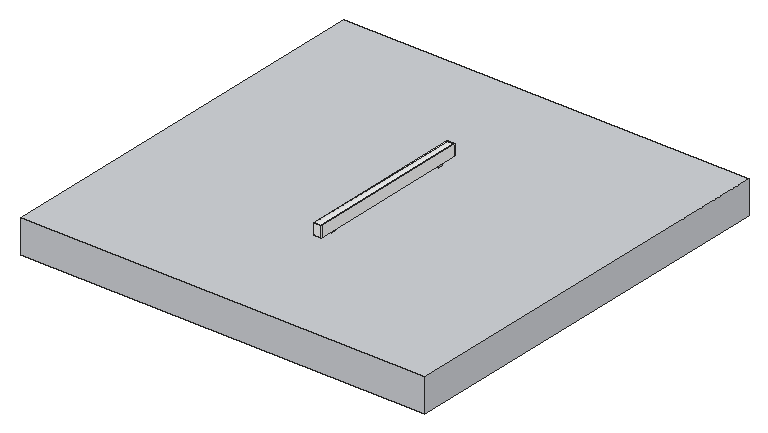
Revit family "Zumtobel SLOTLIGHT INF slim", category Lighting Fixtures, host Face, Revit 2016
Family settings
  Host = Face
  Part Type = Normal
  Round Connector Dimension = Use Diameter
  OmniClass Number = 23.80.70.11
  OmniClass Title = Luminaries for Internal Lighting
  Cut with Voids When Loaded = No
  Light Source = Yes
  Shared = No
  Room Calculation Point = No
Parameters (values of type "SLOIN slim SL LED1800 L1004")
  Width = 45 mm  # constant formula
  Wattage = 11.1955 W
  built-in parameter 1150110 = 1 (stored number, unit not read)
  URL = "http://www.zumtobel.com/42183860"
  Type Comments = "© Zumtobel. We reserve the right to make technical changes without prior notice."  # constant formula
  built-in parameter 1114217 = 1 (stored number, unit not read)
  Tilt Angle = -90.00°
  built-in parameter 1150109 = 1 (stored number, unit not read)
  built-in parameter 1150134 = 12
  Suspension Value [instance] = if(Recessed, 0 mm, Suspension Height)  # 0 mm
  Suspension Height [instance] = 0 mm
  Surface Mount Offset [instance] = if(and(Surface Mount, Suspension Height > 0 mm), 0 mm, if(and(Surface Mount, Suspension Height = 0 mm), 8.5 mm, 0 mm))  # 8.5 mm
  Surface Mount Clip [instance] = and(Surface Mount, Suspension Height = 0 mm)  # yes
  built-in parameter 1150113 = 1 (stored number, unit not read)
  Photometric Web File = "D36769AA_SLOIN_SLIM_CL_LED2400-840_L775_PC.IES"
  Offset Body [instance] = if(Recessed, 0 mm, 7.5 mm)  # 7.5 mm
  Model = "42183860"
  Manufacturer = "Zumtobel Lighting"  # constant formula
  built-in parameter 1150105 = 132.34 (stored number, unit not read)
  Lumens = 1663 lm
  built-in parameter 1150115 = 1 (stored number, unit not read)
  Light Source Offset [instance] = if(Recessed, 0 mm, (if(and(Surface Mount, Suspension Height = 0 mm), 80 mm, 71.5 mm)))  # 80 mm
  built-in parameter 1150137 = (empty or 0)
  built-in parameter 1150139 = (empty or 0)
  Length = 1004 mm
  built-in parameter 1150112 = 1 (stored number, unit not read)
  built-in parameter 1150114 = 1 (stored number, unit not read)
  Lamp = "LED"
  Installation Depth [instance] = if(and(Surface Mount, Suspension Height > 0 mm), 0 mm, if(and(Surface Mount, Suspension Height = 0 mm), 0 mm, 64 mm))  # 0 mm
  built-in parameter 1150132 = 2
  built-in parameter 1150102 = (empty or 0)
  built-in parameter 1150107 = 4000 (stored number, unit not read)
  built-in parameter 1150138 = (empty or 0)
  built-in parameter 1150106 = 1.3234 (stored number, unit not read)
  Height = 64 mm  # constant formula
  Frame [instance] = no
  Emit from Rectangle Width = Length  # 1004 mm
  Emit from Rectangle Length = Width  # 45 mm
  Recessed [instance] = no
  Emit Shape Visible in Rendering = no
  built-in parameter 1150104 = 13.8 (stored number, unit not read)
  Dimming Lamp Color Temperature Shift = <None>
  Description = "SLOTLIGHT infinity slim single luminaire"  # constant formula
  Default Elevation = 0 mm
  Cover 2 [instance] = yes
  Cover 1 [instance] = yes
  Color Light Emitting Surface = Zumtobel_PMMA_White
  Color Filter = 16777215
  Clip [instance] = and(Surface Mount, Suspension Height > 0 mm)  # no
  Body = Zumtobel_Metal_White
  built-in parameter 1114218 = 1 (stored number, unit not read)
  built-in parameter 1150133 = 10 (stored number, unit not read)
  Assembly Code = "D5020200"
  Apparent Load = 25.1 VA
  Surface Mount [instance] = not(Recessed)  # yes
Types (13, lengths in mm): name | Wattage | URL | Suspension Value | Suspension Height | Surface Mount Offset | Surface Mount Clip | Photometric Web File | Model | built-in parameter 1150105 | Lumens | Light Source Offset | Length | built-in parameter 1150106 | Emit from Rectangle Width | Clip | Apparent Load
  SLOIN slim SL LED1800 L1004 | 11.1955 W | "http://www.zumtobel.com/42183860" | 0 | 0 | 8.5 | yes | "D36769AA_SLOIN_SLIM_CL_LED2400-840_L775_PC.IES" | "42183860" | 132.34 (stored number, unit not read) | 1663 lm | 80 | 1004 | 1.3234 (stored number, unit not read) | 1004 | no | 25.1 VA
  SLOIN slim SL LED2200 L1254 | 14.0028 W | "http://www.zumtobel.com/42183861" | 500 | 500 | 0 | no | "D36769AA_SLOIN_slim_SL_LED2200-840_L1254_PC.IES" | "42183861" | 165.52 (stored number, unit not read) | 2080 lm | 71.5 | 1254 | 1.6552 (stored number, unit not read) | 1254 | yes | 30.4 VA
  SLOIN slim SL LED2600 L1504 | 16.7966 W | "http://www.zumtobel.com/42183879" | 500 | 500 | 0 | no | "D36769AA_SLOIN_slim_SL_LED2600-840_L1504_PC.IES" | "42183879" | 198.55 (stored number, unit not read) | 2495 lm | 71.5 | 1504 | 1.9855 (stored number, unit not read) | 1504 | yes | 36.4 VA
  SLOIN slim SL LED3000 L1754 | 19.6039 W | "http://www.zumtobel.com/42183884" | 500 | 500 | 0 | no | "D36769AA_SLOIN_slim_SL_LED3000-840_L1754_PC.IES" | "42183884" | 231.73 (stored number, unit not read) | 2912 lm | 71.5 | 1754 | 2.3173 (stored number, unit not read) | 1754 | yes | 42.4 VA
  SLOIN slim SL LED3400 L2004 | 22.3977 W | "http://www.zumtobel.com/42183885" | 500 | 500 | 0 | no | "D36769AA_SLOIN_slim_SL_LED3400-840_L2004_PC.IES" | "42183885" | 264.75 (stored number, unit not read) | 3327 lm | 71.5 | 2004 | 2.6475 (stored number, unit not read) | 2004 | yes | 48.3 VA
  SLOIN slim SL LED3800 L2254 | 25.205 W | "http://www.zumtobel.com/42183886" | 500 | 500 | 0 | no | "D36769AA_SLOIN_slim_SL_LED3800-840_L2254_PC.IES" | "42183886" | 297.94 (stored number, unit not read) | 3744 lm | 71.5 | 2254 | 2.9794 (stored number, unit not read) | 2254 | yes | 51.6 VA
  SLOIN slim SL LED4200 L2504 | 27.9988 W | "http://www.zumtobel.com/42183887" | 500 | 500 | 0 | no | "D36769AA_SLOIN_slim_SL_LED4200-840_L2504_PC.IES" | "42183887" | 330.96 (stored number, unit not read) | 4159 lm | 71.5 | 2504 | 3.3096 (stored number, unit not read) | 2504 | yes | 57.3 VA
  SLOIN slim SL LED4600 L2754 | 30.8061 W | "http://www.zumtobel.com/42183888" | 500 | 500 | 0 | no | "D36769AA_SLOIN_slim_SL_LED4600-840_L2754_PC.IES" | "42183888" | 364.15 (stored number, unit not read) | 4576 lm | 71.5 | 2754 | 3.6415 (stored number, unit not read) | 2754 | yes | 62.9 VA
  SLOIN slim SL LED5000 L3004 | 33.5999 W | "http://www.zumtobel.com/42183889" | 500 | 500 | 0 | no | "D36769AA_SLOIN_slim_SL_LED5000-840_L3004_PC.IES" | "42183889" | 397.17 (stored number, unit not read) | 4991 lm | 71.5 | 3004 | 3.9717 (stored number, unit not read) | 3004 | yes | 68.5 VA
  SLOIN slim SL LED5400 L3254 | 36.4072 W | "http://www.zumtobel.com/42183890" | 500 | 500 | 0 | no | "D36769AA_SLOIN_slim_SL_LED5400-840_L3254_PC.IES" | "42183890" | 430.35 (stored number, unit not read) | 5408 lm | 71.5 | 3254 | 4.3035 (stored number, unit not read) | 3254 | yes | 74.1 VA
  SLOIN slim SL LED5800 L3504 | 39.201 W | "http://www.zumtobel.com/42183891" | 500 | 500 | 0 | no | "D36769AA_SLOIN_slim_SL_LED5800-840_L3504_PC.IES" | "42183891" | 463.38 (stored number, unit not read) | 5823 lm | 71.5 | 3504 | 4.6338 (stored number, unit not read) | 3504 | yes | 79.8 VA
  SLOIN slim SL LED6200 L3754 | 42.0083 W | "http://www.zumtobel.com/42183892" | 500 | 500 | 0 | no | "D36769AA_SLOIN_slim_SL_LED6200-840_L3754_PC.IES" | "42183892" | 496.56 (stored number, unit not read) | 6240 lm | 71.5 | 3754 | 4.9656 (stored number, unit not read) | 3754 | yes | 85.5 VA
  SLOIN slim SL LED6600 L4004 | 44.7685 W | "http://www.zumtobel.com/42183893" | 500 | 500 | 0 | no | "D36769AA_SLOIN_slim_SL_LED6600-840_L4004_PC.IES" | "42183893" | 529.19 (stored number, unit not read) | 6650 lm | 71.5 | 4004 | 5.2919 (stored number, unit not read) | 4004 | yes | 91.4 VA
Reference planes
  plane 1 "Center (Front/Back)": y = 0
  plane 2 "Top": z = 0
  plane 3 "Center (Left/Right)": x = -0.5
  plane 4: y = 502
  plane 5: y = -502
  plane 6: x = 22
  plane 7: x = -23
  plane 8: z = 23
  plane 9 "Installation": z = 0
  plane 10 "Bottom": z = 0
  plane 11: z = 0
  plane 12: z = 80
  plane 13: z = 8.5
Forms (mm)
  Extrusion 1, solid
    sketch origin (0, 0, 0) x (1, 0, 0) y (0, 1, 0)
      loop
        line (-1219.2, 1219.2) -> (-1219.2, -1219.2) -> (1219.2, -1219.2) -> (1219.2, 1219.2) -> (-1219.2, 1219.2)
    from 0 to -200
  Extrusion 2, void
    sketch origin (0, 0, 0) x (-1, 0, 0) y (0, -1, 0)
      loop
        line (23, 502) -> (-22, 502) -> (-22, -502) -> (23, -502) -> (23, 502)
    from 0 to 250
Dimensions and locks
  equal spacing: plane 4, plane 1 "Center (Front/Back)", plane 5
  "Length": plane 4 to plane 5
  "Width": plane 7 to plane 6
  equal spacing: plane 7, plane 3 "Center (Left/Right)", plane 6
  "Installation Depth": plane 2 "Top" to plane 9 "Installation"
  "Suspension Value": plane 11 to plane 10 "Bottom"
  locked: connector elem to Extrusion 2 at 100
  "Light Source Offset": plane 12 to plane 11
  "Surface Mount Offset": plane 13 to plane 9 "Installation"
  aligned and locked: plane 2 "Top" to Extrusion 1
  aligned and locked: level to Extrusion 1
  aligned: imposter light to Extrusion 2
  aligned: plane 9 "Installation" to nested 1
  aligned: plane 10 "Bottom" to Extrusion 2
  aligned: Extrusion 2 to nested 1
  aligned and locked: plane 3 "Center (Left/Right)" to nested 1
  aligned and locked: nested 1 to plane 1 "Center (Front/Back)"
  aligned: imposter light to nested 1
  aligned and locked: Extrusion 2 sketch curve to plane 6
  aligned and locked: Extrusion 2 sketch curve to plane 7
  aligned and locked: Extrusion 2 sketch curve to plane 5
  aligned and locked: Extrusion 2 sketch curve to plane 4
  aligned and locked: plane 3 "Center (Left/Right)" to imposter light
  aligned and locked: imposter light to plane 12
  aligned and locked: plane 13 to nested 1
Automatic sketch dimensions
  Extrusion 1 sketch curve to Extrusion 1 sketch curve = 2438.4 mm  (x2)
Nested families
  nested 1: "Zumtobel SLOTLIGHT - Body" at (199.5, 197.576, 128.5), Suspension Height <- "Suspension Value", Color Light Emitting Surface <- "Color Light Emitting Surface", Offset <- "Offset Body", Cover 1 <- "Cover 1", Cover 2 <- "Cover 2", Clip <- "Clip", Frame <- "Frame", Surface Mount Clip <- "Surface Mount Clip", type "Zumtobel SLOTLIGHT - Body"
    with Suspension Length 500 mm, Suspension Height 0 mm, Suspension no, Surface Mount Clip yes, Offset 7.5 mm, Frame no, Cover 2 yes, Cover 1 yes, Color Light Emitting Surface Zumtobel_PMMA_White, Clip no
Connectors
  electrical at (-0.5, 402, 0), driven by "Apparent Load"
    settings: index 1, voltage 230 V, apparent load 0 VA, apparent load phase1 25.1 VA, apparent load phase2 0 VA, apparent load phase3 0 VA, power factor 1, load classification "Other", number of poles 1, system type 31, power factor state 1, is connector primary yes, connector utility no, sub classification motor no, connector description ""
Definition of nested family "Zumtobel SLOTLIGHT - Body"
  Parameters (values of type "Zumtobel SLOTLIGHT - Body")
    Width = 45 mm
    Voltage = 0
    URL = ""
    Suspension Length [instance] = if(Suspension Height = 0 mm, 500 mm, Suspension Height)  # 250 mm
    Suspension Height [instance] = 250 mm
    Suspension [instance] = (Suspension Height > 0 mm)  # yes
    Surface Mount Clip [instance] = yes
    Offset [instance] = 7.5 mm
    Model = ""
    Manufacturer = "Zumtobel Lighting"
    Length = 1004 mm
    Lamp = ""
    Height = 64 mm
    Frame [instance] = yes
    Emit Shape Visible in Rendering = no
    Description = ""
    Cover 2 [instance] = yes
    Cover 1 [instance] = yes
    Color Light Emitting Surface [instance] = none
    Clip [instance] = yes
    Body = none
    Assembly Code = "D5020200"
    Apparent Load = 0 VA
  Reference planes
    plane 1 "Bottom Body": z = 130
    plane 2 "Center (Left/Right)": x = -200
    plane 3 "Center (Front/Back)": y = -197.576
    plane 4 "Light Source Axis 1": y = -382.129
    plane 5 "Back": y = 304.424
    plane 6 "Front": y = -699.576
    plane 7: x = -177.5
    plane 8: x = -222.5
    plane 9 "Top": z = 201.5
    plane 10: z = 153
    plane 11 "Bottom": z = -120
    plane 12 "Suspension 2": y = 204.424
    plane 13 "Suspension 1": y = -599.576
    plane 14 "Suspension Height": z = 130
    plane 15: z = 105
    plane 16: z = 137.5
  Forms (mm)
    Extrusion 1, solid, visible <- "Suspension", detail levels medium+fine
      sketch origin (0, 0, -120) x (1, 0, 0) y (0, 1, 0)
        loop
          circle (-200, 204.424) r 1.5
        loop
          circle (-200, -599.576) r 1.5
      from 0 to 225
    Extrusion 2, solid, visible <- "Suspension", detail levels medium+fine
      sketch origin (0, 0, -40) x (1, 0, 0) y (0, 1, 0)
        loop
          circle (-200, 204.424) r 5
        loop
          circle (-200, -599.576) r 5
      from 145 to 170
    Sweep 3, solid, material <- "Body", detail levels medium+fine
      path origin (0, 0, 201.5) x (-1, 0, 0) y (0, -1, 0)
        loop
          line (200, 699.576) -> (200, -304.424)
      profile "Zumtobel SLOTLIGHT INF Profile : Zumtobel SLOTLIGHT INF Profile" origin (-200, -197.576, 201.5) x (-1, 0, 0) y (0, 0, 1)
        loop
          line (-22.5, -64) -> (-20, -64) -> (-20, -59) -> (20, -59) -> (20, -64) -> (22.5, -64) -> (22.5, 0) -> (20, 0) -> (20, -5) -> (17.5, -5) -> (17.5, 0) -> (-17.5, 0) -> (-17.5, -5) -> (-20, -5) -> (-20, 0) -> (-22.5, 0) -> (-22.5, -64)
    Sweep 4, solid, visible <- "Clip", detail levels medium+fine
      path origin (0, 0, 201.5) x (-1, 0, 0) y (0, -1, 0)
        loop
          line (200, -194.424) -> (200, -214.424)
      profile "Zumtobel SLOTLIGHT INF Clip Profile : Zumtobel SLOTLIGHT INF Clip Profile" origin (-200, 204.424, 201.5) x (-1, 0, 0) y (0, 0, 1)
        loop
          line (-20.008, -59.002) -> (-20.008, -61.502) -> (-14.508, -61.502) -> (-12.014, -71.502) -> (12.014, -71.502) -> (14.508, -61.502) -> (20.008, -61.502) -> (20.008, -59.002) -> (12.554, -59.002) -> (10.061, -69.002) -> (-10.061, -69.002) -> (-12.554, -59.002) -> (-20.008, -59.002)
    Sweep 5, solid, visible <- "Clip", detail levels medium+fine
      path origin (0, -395.153, 201.5) x (-1, 0, 0) y (0, 1, 0)
        loop
          line (200, -194.424) -> (200, -214.424)
      profile "Zumtobel SLOTLIGHT INF Clip Profile : Zumtobel SLOTLIGHT INF Clip Profile" origin (-200, -599.576, 201.5) x (1, 0, 0) y (0, 0, 1)
        loop
          line (20.008, -59.002) -> (12.554, -59.002) -> (10.061, -69.002) -> (-10.061, -69.002) -> (-12.554, -59.002) -> (-20.008, -59.002) -> (-20.008, -61.502) -> (-14.508, -61.502) -> (-12.014, -71.502) -> (12.014, -71.502) -> (14.508, -61.502) -> (20.008, -61.502) -> (20.008, -59.002)
    Sweep 6, solid, material <- "Body", visible <- "Cover 2", detail levels medium+fine
      path origin (0, 0, 201.5) x (-1, 0, 0) y (0, -1, 0)
        loop
          line (200, -304.424) -> (200, -307.424)
      profile "Zumtobel SLOTLIGHT INF Cover : Zumtobel SLOTLIGHT INF Cover" origin (-200, 305.924, 201.5) x (-1, 0, 0) y (0, 0, 1)
        loop
          line (-22.5, -64) -> (22.5, -64) -> (22.5, 0) -> (-22.5, 0) -> (-22.5, -64)
    Sweep 7, solid, material <- "Body", visible <- "Cover 1", detail levels medium+fine
      path origin (0, -395.153, 201.5) x (-1, 0, 0) y (0, 1, 0)
        loop
          line (200, -304.424) -> (200, -307.424)
      profile "Zumtobel SLOTLIGHT INF Cover : Zumtobel SLOTLIGHT INF Cover" origin (-200, -701.076, 201.5) x (1, 0, 0) y (0, 0, 1)
        loop
          line (22.5, -64) -> (22.5, 0) -> (-22.5, 0) -> (-22.5, -64) -> (22.5, -64)
    Sweep 8, solid, material <- "Body", visible <- "Frame", detail levels medium+fine
      path origin (100, 0, 201.5) x (-1, 0, 0) y (0, -1, 0)
        loop
          line (300, 699.576) -> (300, -304.424)
      profile "Zumtobel SLOTLIGHT INF Frame : Zumtobel SLOTLIGHT INF Frame" origin (-200, -197.576, 201.5) x (-1, 0, 0) y (0, 0, 1)
        loop
          line (25, 0) -> (25, 2.5) -> (20, 2.5) -> (20, 0) -> (25, 0)
        loop
          line (-25, 0) -> (-20, 0) -> (-20, 2.5) -> (-25, 2.5) -> (-25, 0)
    Extrusion 9, solid, material <- "Body", visible <- "Frame", detail levels medium+fine
      sketch origin (0, 304.424, 0) x (-1, 0, 0) y (0, 0, 1)
        loop
          line (225, 204) -> (175, 204) -> (175, 201.5) -> (225, 201.5) -> (225, 204)
      from 0 to 5
    Extrusion 10, solid, material <- "Body", visible <- "Frame", detail levels medium+fine
      sketch origin (0, -699.576, 0) x (-1, 0, 0) y (0, 0, 1)
        loop
          line (225, 204) -> (175, 204) -> (175, 201.5) -> (225, 201.5) -> (225, 204)
      from 0 to -5
    Sweep 11, solid, visible <- "Surface Mount Clip", detail levels medium+fine
      path origin (0, -395.153, 201.5) x (-1, 0, 0) y (0, 1, 0)
        loop
          line (200, -194.424) -> (200, -214.424)
      profile "Zumtobel SLOTLIGHT INF Surface Mount Profile : Zumtobel SLOTLIGHT INF Surface Mount Profile" origin (-200, -599.576, 201.5) x (1, 0, 0) y (0, 0, 1)
        loop
          line (20.008, -59.002) -> (-20.008, -59.002) -> (-20.008, -64.002) -> (-16.018, -80.002) -> (16.018, -80.002) -> (20.008, -64.002) -> (20.008, -59.002)
    Sweep 12, solid, visible <- "Surface Mount Clip", detail levels medium+fine
      path origin (0, 0, 201.5) x (-1, 0, 0) y (0, -1, 0)
        loop
          line (200, -194.424) -> (200, -214.424)
      profile "Zumtobel SLOTLIGHT INF Surface Mount Profile : Zumtobel SLOTLIGHT INF Surface Mount Profile" origin (-200, 204.424, 201.5) x (-1, 0, 0) y (0, 0, 1)
        loop
          line (-20.008, -59.002) -> (-20.008, -64.002) -> (-16.018, -80.002) -> (16.018, -80.002) -> (20.008, -64.002) -> (20.008, -59.002) -> (-20.008, -59.002)
  Cuts and joins
    joined: Sweep 8, Extrusion 9, Extrusion 10
  Lines and regions (mm)
    symbolic lines, detail levels coarse
      curve 1: line (-222.5, 304.424, -120) -> (-177.5, 304.424, -120)
      curve 2: line (-222.5, -699.576, -120) -> (-177.5, -699.576, -120)
      curve 3: line (-200, 304.424, -120) -> (-200, -699.576, -120)
  Dimensions and locks
    locked: plane 3 "Center (Front/Back)" to plane 4 "Light Source Axis 1" at 184.553
    equal spacing: plane 5 "Back", plane 3 "Center (Front/Back)", plane 6 "Front"
    "Length": plane 5 "Back" to plane 6 "Front"
    equal spacing: plane 8, plane 2 "Center (Left/Right)", plane 7
    "Width": plane 8 to plane 7
    "Height": plane 9 "Top" to plane 16
    plane 10 to plane 1 "Bottom Body" = 23 mm
    locked: plane 13 "Suspension 1" to plane 6 "Front" at 100
    locked: plane 5 "Back" to plane 12 "Suspension 2" at 100
    "Suspension Height": plane 1 "Bottom Body" to plane 11 "Bottom"
    "Suspension Length": plane 14 "Suspension Height" to plane 11 "Bottom"
    "Offset": plane 16 to plane 1 "Bottom Body"
    locked: plane 14 "Suspension Height" to plane 15 at 25
    aligned and locked: level to plane 11 "Bottom"
    aligned and locked: Extrusion 1 to plane 11 "Bottom"
    aligned: plane 14 "Suspension Height" to Extrusion 1
    aligned: plane 1 "Bottom Body" to Extrusion 2
    aligned and locked: plane 8 to curve 1
    aligned and locked: plane 8 to curve 2
    aligned and locked: plane 7 to curve 1
    aligned and locked: curve 2 to plane 7
    aligned and locked: plane 5 "Back" to curve 3
    aligned and locked: plane 6 "Front" to curve 3
    aligned and locked: curve 3 to plane 2 "Center (Left/Right)"
    aligned and locked: curve 1 to plane 5 "Back"
    aligned and locked: curve 2 to plane 6 "Front"
    aligned and locked: Sweep 3 sketch curve to plane 2 "Center (Left/Right)"
    aligned and locked: plane 5 "Back" to Sweep 3 sketch curve
    aligned and locked: plane 6 "Front" to Sweep 3 sketch curve
    aligned and locked: plane 15 to Extrusion 2
    aligned and locked: Extrusion 1 to plane 15
    aligned and locked: plane 14 "Suspension Height" to Extrusion 2
    aligned and locked: plane 6 "Front" to Sweep 8 sketch curve
    aligned and locked: plane 5 "Back" to Sweep 8 sketch curve
  Automatic sketch dimensions
    Extrusion 1 sketch curve to plane 2 "Center (Left/Right)" = 0 mm  (x2)
    plane 13 "Suspension 1" to Extrusion 1 sketch curve = 0 mm
    Extrusion 1 sketch curve to plane 12 "Suspension 2" = 0 mm
    Extrusion 2 sketch curve to plane 2 "Center (Left/Right)" = 0 mm  (x2)
    plane 13 "Suspension 1" to Extrusion 2 sketch curve = 0 mm
    Extrusion 2 sketch curve to plane 12 "Suspension 2" = 0 mm
    Sweep 4 sketch curve to plane 2 "Center (Left/Right)" = 0 mm
    plane 12 "Suspension 2" to Sweep 4 sketch curve = 10 mm
    Sweep 4 sketch curve to plane 12 "Suspension 2" = 10 mm
    Sweep 5 sketch curve to plane 2 "Center (Left/Right)" = 0 mm
    Sweep 5 sketch curve to plane 13 "Suspension 1" = 10 mm
    plane 13 "Suspension 1" to Sweep 5 sketch curve = 10 mm
    Sweep 6 sketch curve to plane 2 "Center (Left/Right)" = 0 mm
    Sweep 6 sketch curve to plane 5 "Back" = 0 mm
    Sweep 6 sketch curve to Sweep 6 sketch curve = 3 mm
    Sweep 7 sketch curve to plane 2 "Center (Left/Right)" = 0 mm
    Sweep 7 sketch curve to plane 6 "Front" = 0 mm
    Sweep 7 sketch curve to Sweep 7 sketch curve = 3 mm
    Sweep 8 sketch curve to plane 2 "Center (Left/Right)" = 0 mm
    Extrusion 9 sketch curve to plane 9 "Top" = 0 mm
    plane 7 to Extrusion 9 sketch curve = 2.5 mm
    plane 8 to Extrusion 9 sketch curve = 2.5 mm
    plane 9 "Top" to Extrusion 9 sketch curve = 2.5 mm
    Extrusion 10 sketch curve to plane 9 "Top" = 0 mm
    plane 7 to Extrusion 10 sketch curve = 2.5 mm
    plane 8 to Extrusion 10 sketch curve = 2.5 mm
    plane 9 "Top" to Extrusion 10 sketch curve = 2.5 mm
    Sweep 11 sketch curve to plane 13 "Suspension 1" = 10 mm
    plane 7 to Sweep 11 sketch curve = 22.5 mm
    plane 13 "Suspension 1" to Sweep 11 sketch curve = 10 mm
    plane 12 "Suspension 2" to Sweep 12 sketch curve = 10 mm
    Sweep 12 sketch curve to plane 7 = 22.5 mm
    Sweep 12 sketch curve to plane 12 "Suspension 2" = 10 mm
    radius of Extrusion 1 sketch curve = 1.5 mm  (x2)
    radius of Extrusion 2 sketch curve = 5 mm  (x2)
